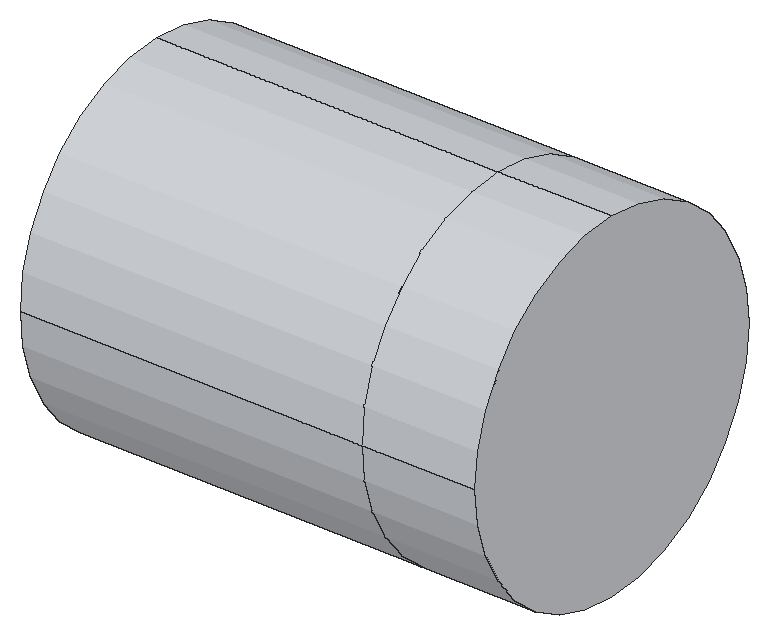
Revit family "M_Encaixe de duto redondo", category Conexões de duto, Revit 2019
Family settings
  Cota do conector redondo = Usar raio
  Tipo de parte = Derivação - Ajustável
  Número OmniClass = 23.75.70.14
  Título OmniClass = Air Ductwork
  ID de item do Seek = Round Takeoff-0000-CAN-ENU
  Com base no plano de trabalho = Não
  Sempre na vertical = Sim
  Corte com vazios quando carregada = Não
  Compartilhado = Não
Parameters (values of type "Padrão")
  built-in parameter 1114214 [instance] = 304.8 mm
  built-in parameter 1114213 [instance] = 101.6 mm
  built-in parameter 1114215 [instance] = if(Diâmetro do duto > 406.4 mm, Diâmetro do duto * 0.25, 101.6 mm)  # 0.33333 (stored number, unit not read)
  Raio do duto [instance] = 152.4 mm
  Diâmetro do duto [instance] = Raio do duto * 2  # 304.8 mm
Reference planes
  plane 1 "Centro (Frente/Trás)": y = 0
  plane 2: z = 0
  plane 3 "Centro (Esquerda/Direita)": x = 0
  plane 4: x = -304.8
  plane 5: x = 101.6
Forms (mm)
  Sweep 1, solid, detail levels medium+fine
    path in 3D
      loop
        line (0, 0, 0) -> (101.6, 0, 0)
    profile "M_Duto - Redondo : Duto - Redondo" origin (50.8, 0, 0) x (0, 1, 0) y (0, 0, 1)
      loop
        arc (-152.4, 0) -> (-107.763, -107.763) -> (0, -152.4) r 152.4
        arc (0, -152.4) -> (107.763, -107.763) -> (152.4, 0) r 152.4
        arc (152.4, 0) -> (107.763, 107.763) -> (0, 152.4) r 152.4
        arc (0, 152.4) -> (-107.763, 107.763) -> (-152.4, 0) r 152.4
  Sweep 2, solid, detail levels medium+fine
    path in 3D
      loop
        line (-304.8, 0, 0) -> (0, 0, 0)
    profile "M_Duto - Redondo : Duto - Redondo" origin (-152.4, 0, 0) x (0, 1, 0) y (0, 0, 1)
      loop
        arc (-152.4, 0) -> (-107.763, -107.763) -> (0, -152.4) r 152.4
        arc (0, -152.4) -> (107.763, -107.763) -> (152.4, 0) r 152.4
        arc (152.4, 0) -> (107.763, 107.763) -> (0, 152.4) r 152.4
        arc (0, 152.4) -> (-107.763, 107.763) -> (-152.4, 0) r 152.4
Cuts and joins
  joined: Sweep 1, Sweep 2
Lines and regions (mm)
  reference lines
    curve 1: line (0, 0, 0) -> (101.6, 0, 0)
    curve 3: line (-304.8, 0, 0) -> (0, 0, 0)
  sketch lines
    curve 2: line (0, 0, 0) -> (101.6, 0, 0)
    curve 4: line (-304.8, 0, 0) -> (0, 0, 0)
  model lines, style "DuctFitting", not visible
    curve 5: line (-304.8, 0, 0) -> (0, 0, 0)
  model lines, style "DuctFitting", not visible, detail levels coarse
    curve 6: line (0, 0, 0) -> (101.6, 0, 0)
Dimensions and locks
  "built-in parameter 1114213": plane 3 "Centro (Esquerda/Direita)" to plane 5
  "built-in parameter 1114214": plane 4 to plane 3 "Centro (Esquerda/Direita)"
  aligned and locked: plane 5 to curve 1
  aligned and locked: plane 3 "Centro (Esquerda/Direita)" to curve 1
  aligned and locked: plane 1 "Centro (Frente/Trás)" to curve 1
  aligned and locked: plane 4 to curve 3
  aligned and locked: plane 1 "Centro (Frente/Trás)" to curve 3
  aligned and locked: plane 3 "Centro (Esquerda/Direita)" to curve 6
  aligned and locked: plane 4 to curve 5
  aligned and locked: plane 1 "Centro (Frente/Trás)" to curve 5
Automatic sketch dimensions
  curve 6 to plane 5 = 0 mm
Connectors
  hvac at (0, 0, 0), driven by "Raio do duto"
    settings: on Sweep 1, index 1, duct flow 0.0 L/s, flow factor 0, pres drop 0.0 Pa, loss coef 0, conn angle 0.00°, conn width 304.8 mm, conn height 304.8 mm, conn diameter 304.8 mm, duct sys type 28, conn prof type 0, flow config 0, flow direction 0, loss method 0, conn ref index 2, conn util no, is conn primary yes, conn desc ""
  hvac at (101.6, 0, 0), driven by "Raio do duto"
    settings: on Sweep 1, index 2, duct flow 0.0 L/s, flow factor 0, pres drop 0.0 Pa, loss coef 0, conn angle 0.00°, conn width 304.8 mm, conn height 304.8 mm, conn diameter 304.8 mm, duct sys type 28, conn prof type 0, flow config 0, flow direction 0, loss method 0, conn ref index 1, conn util no, is conn primary no, conn desc ""
